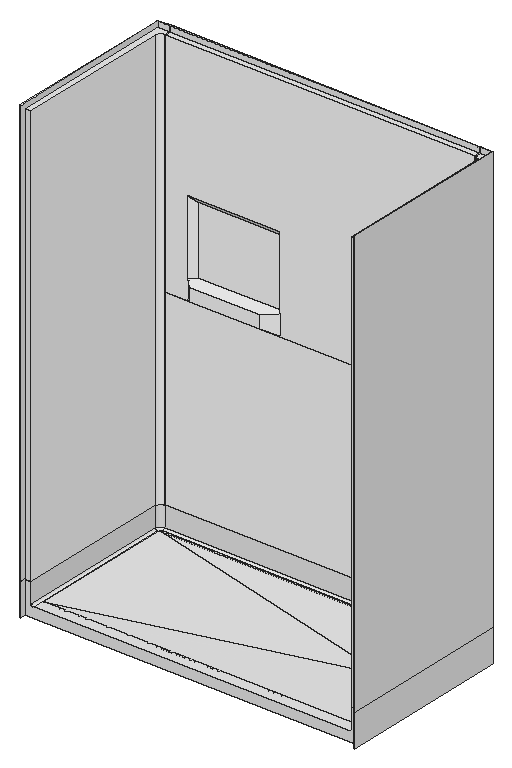
Revit family "5LRS6030B17T,B2T,B17B,B2B", category Plumbing Fixtures, Revit 2014
Parameters (values of type "5LRS6030B17T")
  Unit Width = 5' - 0"
  Unit Height = 6' - 10 1/4"
  URL = "http://www.best-bath.com/"
  Type Comments = "Barrier Free"
  Threshold Height = 0' - 1 3/4"
  Model = "5LRS6030B17T"
  Material [instance] = Best Bath Gelcoat Fiberglass - RealTile
  Manufacturer = "Best Bath Systems, Inc."
  Keynote = "22 40 00.B3"
  Description = "RealTile, Traditionals Bull Nose Threshold"
  Assembly Code = "D2010710"
Types (5): name | Unit Height | Threshold Height | Model | Description
  (no name) | 6' - 10 1/4" | 0' - 1 3/4" | "5LRS6030B17T" | "RealTile, Traditionals Bull Nose Threshold"
  5LRS6030B17B | 6' - 10 1/4" | 0' - 1 3/4" | "5LRS6030B17B" | "RealTile, Beveled Threshold"
  5LRS6030B17T | 6' - 10 1/4" | 0' - 1 3/4" | "5LRS6030B17T" | "RealTile, Traditionals Bull Nose Threshold"
  5LRS6030B2T | 6' - 10 1/2" | 0' - 2" | "5LRS6030B2T" | "RealTile, Traditionals Bull Nose Threshold"
  5LRS6030B2B | 6' - 10 1/2" | 0' - 2" | "5LRS6030B2B" | "RealTile, Beveled Threshold"
Reference planes (in)
  plane 1: z = 0
  plane 2 "Left": x = 0
  plane 3: z = 81.25
  plane 4: z = 82.25
  plane 5: y = 6.36165
  plane 6: y = 36.36165
  plane 7: x = 60
  plane 8: y = 35.11165
  plane 9: y = 22.36165
  plane 10: x = 51.5
  plane 11: z = 1.375
  plane 12: z = 1.75
  plane 13: z = 40
  plane 14: z = 5.75
  plane 15: y = 5.36165
  plane 16: z = 43.625
Forms (in)
  Extrusion 1, solid, material "Best Bath Gelcoat Fiberglass - Smooth"
    sketch origin (0, 0, 0) x (1, 0, 0) y (0, 1, 0)
      loop
        line (0, 6.36165) -> (60, 6.36165) -> (60, 36.36165) -> (0, 36.36165) -> (0, 6.36165)
      loop
        circle (51.5, 22.36165) r 2.125
    from 0 to 1.75
  Extrusion 2, solid, material "Best Bath Gelcoat Fiberglass - Smooth"
    sketch origin (0, 0, 0) x (1, 0, 0) y (0, 1, 0)
      loop
        line (2.25, 36.36165) -> (2.25, 35.11165) -> (57.75, 35.11165) -> (57.75, 36.36165) -> (2.25, 36.36165)
    from 5.75 to 40
  Blend 3, void
    base sketch origin (0, 0, 0) x (1, 0, 0) y (0, 1, 0)
      loop
        line (1.875, 8.36165) -> (58.125, 8.36165) -> (58.125, 34.48665) -> (1.875, 34.48665) -> (1.875, 8.36165)
    top sketch origin (0, 0, 0) x (1, 0, 0) y (0, 1, 0)
      loop
        circle (51.5, 22.36165) r 0.07952
    from 1.75 to 1.375
  Extrusion 4, solid, material "Best Bath Gelcoat Fiberglass - Smooth"
    sketch origin (0, 0, 0) x (1, 0, 0) y (0, 1, 0)
      loop
        line (2.25, 36.36165) -> (2.25, 35.11165) -> (57.75, 35.11165) -> (57.75, 36.36165) -> (2.25, 36.36165)
    from 40 to 81.25
  Extrusion 5, solid, material "Best Bath Gelcoat Fiberglass - Smooth"
    sketch origin (0.25, 0, 0) x (1, 0, 0) y (0, 1, 0)
      loop
        line (-0.25, 6.36165) -> (1, 6.36165) -> (1, 34.11165)
        arc (1, 34.11165) -> (1.29289, 34.81875) -> (2, 35.11165) r 1
        line (2, 35.11165) -> (2, 36.36165) -> (-0.25, 36.36165) -> (-0.25, 6.36165)
      loop
        line (59.75, 6.36165) -> (59.75, 36.36165) -> (57.5, 36.36165) -> (57.5, 35.11165)
        arc (57.5, 35.11165) -> (58.20711, 34.81875) -> (58.5, 34.11165) r 1
        line (58.5, 34.11165) -> (58.5, 6.36165) -> (59.75, 6.36165)
    from 5.75 to 81.25
  Extrusion 6, solid, material "Best Bath Gelcoat Fiberglass - Smooth"
    sketch origin (0, 0, 0) x (1, 0, 0) y (0, 1, 0)
      loop
        line (0, 36.36165) -> (0, 6.36165) -> (1.25, 6.36165) -> (1.25, 34.11165)
        arc (1.25, 34.11165) -> (1.54289, 34.81875) -> (2.25, 35.11165) r 1
        line (2.25, 35.11165) -> (57.75, 35.11165)
        arc (57.75, 35.11165) -> (58.45711, 34.81875) -> (58.75, 34.11165) r 1
        line (58.75, 34.11165) -> (58.75, 6.36165) -> (60, 6.36165) -> (60, 35.11165) -> (60, 36.36165) -> (0, 36.36165)
    from 0 to 5.75
  Sweep 7, solid, material "Best Bath Gelcoat Fiberglass - Smooth"
    path origin (0, 0, 0) x (1, 0, 0) y (0, 1, 0)
      loop
        line (1.25, 6.36165) -> (1.25, 34.11165)
        arc (1.25, 34.11165) -> (1.54289, 34.81875) -> (2.25, 35.11165) r 1
        line (2.25, 35.11165) -> (57.75, 35.11165)
        arc (57.75, 35.11165) -> (58.45711, 34.81875) -> (58.75, 34.11165) r 1
        line (58.75, 34.11165) -> (58.75, 6.36165)
    profile origin (1.25, 20.23665, 0) x (-1, 0, 0) y (0, 0, 1)
      loop
        line (0, 1.75) -> (0, 2.125)
        arc (0, 2.125) -> (-0.10983, 1.85983) -> (-0.375, 1.75) r 0.375
        line (-0.375, 1.75) -> (0, 1.75)
  Extrusion 8, solid, material "Best Bath Gelcoat Fiberglass - Smooth"
    sketch origin (0, 0, 0) x (1, 0, 0) y (0, 1, 0)
      loop
        line (0, 5.36165) -> (0.125, 5.36165) -> (0.125, 6.36165) -> (0, 6.36165) -> (0, 5.36165)
      loop
        line (60, 5.36165) -> (60, 6.36165) -> (59.875, 6.36165) -> (59.875, 5.36165) -> (60, 5.36165)
    from 0 to 5.75
  Extrusion 9, solid, material "Best Bath Gelcoat Fiberglass - Smooth"
    sketch origin (0, 0, 0) x (1, 0, 0) y (0, 1, 0)
      loop
        line (2.25, 36.36165) -> (2.25, 36.23665) -> (57.75, 36.23665) -> (57.75, 36.36165) -> (2.25, 36.36165)
    from 81.25 to 82.25
  Extrusion 10, solid, material "Best Bath Gelcoat Fiberglass - Smooth"
    sketch origin (0, 0, 0) x (1, 0, 0) y (0, 1, 0)
      loop
        line (0.125, 5.36165) -> (0.125, 36.23665) -> (2.25, 36.23665) -> (2.25, 36.36165) -> (0, 36.36165) -> (0, 5.36165) -> (0.125, 5.36165)
      loop
        line (59.875, 5.36165) -> (60, 5.36165) -> (60, 36.36165) -> (57.75, 36.36165) -> (57.75, 36.23665) -> (59.875, 36.23665) -> (59.875, 5.36165)
    from 5.75 to 82.25
  Blend 11, solid, material "Best Bath Gelcoat Fiberglass - Smooth"
    base sketch origin (1.5, -39, 0) x (1, 0, 0) y (0, 0, 1)
      loop
        line (52.0625, 43.625) -> (35.5625, 43.625) -> (35.5625, 40.1875) -> (52.0625, 40.1875) -> (52.0625, 43.625)
    top sketch origin (1.5, -39, 0) x (1, 0, 0) y (0, 0, 1)
      loop
        line (37.5625, 43.625) -> (37.5625, 41.375) -> (50.0625, 41.375) -> (50.0625, 43.625) -> (37.5625, 43.625)
    from -74.11165 to -72.11165
  Blend 12, solid, material "Best Bath Gelcoat Fiberglass - Smooth"
    base sketch origin (-29.25, -39, 0) x (1, 0, 0) y (0, 0, 1)
      loop
        line (52.0625, 43.625) -> (35.5625, 43.625) -> (35.5625, 40.1875) -> (52.0625, 40.1875) -> (52.0625, 43.625)
    top sketch origin (-29.25, -39, 0) x (1, 0, 0) y (0, 0, 1)
      loop
        line (37.5625, 43.625) -> (37.5625, 41.375) -> (50.0625, 41.375) -> (50.0625, 43.625) -> (37.5625, 43.625)
    from -74.11165 to -72.11165
  Blend 13, void
    base sketch origin (1.5, -38.5, 0) x (1, 0, 0) y (0, 0, 1)
      loop
        line (35.5625, 43.625) -> (52.0625, 43.625) -> (52.0625, 56.75) -> (35.5625, 56.75) -> (35.5625, 43.625)
    top sketch origin (1.5, -38.5, 0) x (1, 0, 0) y (0, 0, 1)
      loop
        line (36.5625, 43.625) -> (51.0625, 43.625) -> (51.0625, 55.75) -> (36.5625, 55.75) -> (36.5625, 43.625)
    from -73.61165 to -74.61165
  Blend 14, void
    base sketch origin (-29.3125, -38.5, 0) x (1, 0, 0) y (0, 0, 1)
      loop
        line (35.5625, 43.625) -> (52.0625, 43.625) -> (52.0625, 56.75) -> (35.5625, 56.75) -> (35.5625, 43.625)
    top sketch origin (-29.3125, -38.5, 0) x (1, 0, 0) y (0, 0, 1)
      loop
        line (36.5625, 43.625) -> (51.0625, 43.625) -> (51.0625, 55.75) -> (36.5625, 55.75) -> (36.5625, 43.625)
    from -73.61165 to -74.61165
Cuts and joins
  Blend 3 cuts Extrusion 1
  joined: Extrusion 1, Extrusion 6, Sweep 7, Extrusion 8
  Blend 13, Blend 14 cuts Extrusion 4
  Blend 14 cuts Extrusion 9
  joined: Extrusion 4, Extrusion 9, Blend 11, Blend 12
  joined: Extrusion 5, Extrusion 10
Dimensions and locks (in)
  locked: plane 4 to plane 3 at 1
  "Unit Height": plane 4 to level
  plane 2 "Left" to plane 10 to plane 7 = 4' - 3 1/2", 0' - 8 1/2"
  "Unit Width": plane 2 "Left" to plane 7
  locked: plane 6 to plane 8 at 1.25
  locked: plane 6 to plane 9 at 14
  "Threshold Height": plane 12 to level
  locked: plane 12 to plane 11 at 0.375
  locked: plane 13 to plane 14 at 34.25
  locked: plane 14 to plane 12 at 4
  locked: plane 5 to plane 15 at 1
  locked: plane 6 to plane 15 at 31
  locked: plane 16 to plane 12 at 41.875
  aligned and locked: level to plane 1
  aligned and locked: Extrusion 1 sketch curve to plane 5
  aligned and locked: Extrusion 1 sketch curve to plane 2 "Left"
  aligned and locked: plane 6 to Extrusion 1 sketch curve
  aligned and locked: Extrusion 1 sketch curve to plane 7
  aligned and locked: plane 10 to Extrusion 1 sketch curve
  aligned and locked: plane 9 to Extrusion 1 sketch curve
  aligned and locked: plane 12 to Extrusion 1
  aligned and locked: plane 9 to Blend 3 sketch curve
  aligned and locked: plane 10 to Blend 3 sketch curve
  aligned and locked: Extrusion 1 to Blend 3
  aligned and locked: Blend 3 to plane 11
  aligned and locked: plane 13 to Extrusion 2
  aligned and locked: Extrusion 4 to Extrusion 2
  aligned and locked: plane 3 to Extrusion 4
  aligned and locked: plane 3 to Extrusion 5
  aligned and locked: plane 14 to Extrusion 6
  aligned and locked: Extrusion 5 to plane 14
  aligned and locked: Extrusion 2 to plane 14
  aligned and locked: Sweep 7 sketch curve to plane 12
  aligned and locked: Extrusion 8 to Extrusion 2
  aligned and locked: Extrusion 9 to plane 3
  aligned and locked: plane 4 to Extrusion 9
  aligned and locked: Extrusion 10 to Extrusion 2
  aligned and locked: plane 4 to Extrusion 10
Automatic sketch dimensions
  Extrusion 6 sketch curve to plane 2 "Left" = 0' - 0"
  Extrusion 6 sketch curve to plane 5 = 0' - 0"  (x2)
  Extrusion 6 sketch curve to plane 8 = 0' - 0"  (x2)
  Extrusion 6 sketch curve to plane 7 = 0' - 0"
  Extrusion 6 sketch curve to plane 6 = 0' - 0"
  Extrusion 6 sketch curve to Extrusion 6 sketch curve = 0' - 1 1/4"  (x2)
  Extrusion 6 sketch curve to Extrusion 6 sketch curve = 0' - 1"
  Extrusion 6 sketch curve to plane 8 = 0' - 1"
  Extrusion 5 sketch curve to plane 2 "Left" = 0' - 0"
  Extrusion 5 sketch curve to plane 5 = 0' - 0"  (x2)
  Extrusion 5 sketch curve to plane 6 = 0' - 0"  (x2)
  Extrusion 5 sketch curve to plane 8 = 0' - 0"  (x2)
  Extrusion 5 sketch curve to plane 7 = 0' - 0"
  Extrusion 5 sketch curve to Extrusion 5 sketch curve = 0' - 1 1/4"
  Extrusion 5 sketch curve to Extrusion 5 sketch curve = 0' - 1"
  plane 7 to Extrusion 5 sketch curve = 0' - 2 1/4"
  Extrusion 5 sketch curve to plane 8 = 0' - 1"
  Extrusion 2 sketch curve to plane 8 = 0' - 0"
  Extrusion 2 sketch curve to plane 6 = 0' - 0"
  plane 2 "Left" to Extrusion 2 sketch curve = 0' - 2 1/4"
  plane 7 to Extrusion 2 sketch curve = 0' - 2 1/4"
  Extrusion 4 sketch curve to plane 8 = 0' - 0"
  Extrusion 4 sketch curve to plane 6 = 0' - 0"
  plane 2 "Left" to Extrusion 4 sketch curve = 0' - 2 1/4"
  plane 7 to Extrusion 4 sketch curve = 0' - 2 1/4"
  Sweep 7 sketch curve to plane 5 = 0' - 0"  (x2)
  Sweep 7 sketch curve to plane 8 = 0' - 0"
  plane 2 "Left" to Sweep 7 sketch curve = 0' - 1 1/4"
  Sweep 7 sketch curve to Sweep 7 sketch curve = 0' - 1"
  Sweep 7 sketch curve to plane 8 = 0' - 1"
  plane 7 to Sweep 7 sketch curve = 0' - 2 1/4"
  Sweep 7 sketch curve to profile plane = 0' - 0"
  profile plane to Sweep 7 sketch curve = 0' - 0 3/8"
  Extrusion 8 sketch curve to plane 2 "Left" = 0' - 0"
  Extrusion 8 sketch curve to plane 5 = 0' - 0"  (x2)
  Extrusion 8 sketch curve to plane 15 = 0' - 0"  (x2)
  Extrusion 8 sketch curve to plane 7 = 0' - 0"
  plane 2 "Left" to Extrusion 8 sketch curve = 0' - 0 1/8"
  plane 7 to Extrusion 8 sketch curve = 0' - 0 1/8"
  Extrusion 9 sketch curve to plane 6 = 0' - 0"
  plane 2 "Left" to Extrusion 9 sketch curve = 0' - 2 1/4"
  plane 7 to Extrusion 9 sketch curve = 0' - 2 1/4"
  Extrusion 9 sketch curve to plane 6 = 0' - 0 1/8"
  Extrusion 10 sketch curve to plane 2 "Left" = 0' - 0"
  Extrusion 10 sketch curve to plane 15 = 0' - 0"  (x2)
  Extrusion 10 sketch curve to plane 6 = 0' - 0"  (x2)
  Extrusion 10 sketch curve to plane 7 = 0' - 0"
  plane 2 "Left" to Extrusion 10 sketch curve = 0' - 0 1/8"
  Extrusion 10 sketch curve to plane 6 = 0' - 0 1/8"  (x2)
  Extrusion 10 sketch curve to Extrusion 10 sketch curve = 0' - 2 1/8"
  plane 7 to Extrusion 10 sketch curve = 0' - 2 1/4"
  plane 7 to Extrusion 10 sketch curve = 0' - 0 1/8"
  Blend 3 sketch curve to plane 8 = 0' - 0 5/8"
  plane 2 "Left" to Blend 3 sketch curve = 0' - 1 7/8"
  plane 7 to Blend 3 sketch curve = 0' - 1 7/8"
  plane 5 to Blend 3 sketch curve = 0' - 2"
  Blend 11 sketch curve to plane 16 = 0' - 0"  (x2)
  Blend 11 sketch curve to plane 10 = 1' - 2 7/16"
  plane 13 to Blend 11 sketch curve = 0' - 0 3/16"
  plane 10 to Blend 11 sketch curve = 0' - 2 1/16"
  Blend 11 sketch curve to plane 10 = 1' - 0 7/16"
  plane 10 to Blend 11 sketch curve = 0' - 0 1/16"
  plane 13 to Blend 11 sketch curve = 0' - 1 3/8"
  Blend 12 sketch curve to plane 16 = 0' - 0"  (x2)
  plane 2 "Left" to Blend 12 sketch curve = 0' - 6 5/16"
  plane 13 to Blend 12 sketch curve = 0' - 0 3/16"
  Blend 12 sketch curve to Blend 12 sketch curve = 1' - 4 1/2"
  plane 13 to Blend 12 sketch curve = 0' - 1 3/8"
  plane 2 "Left" to Blend 12 sketch curve = 0' - 8 5/16"
  Blend 12 sketch curve to Blend 12 sketch curve = 1' - 0 1/2"
  Blend 13 sketch curve to plane 16 = 0' - 0"  (x2)
  Blend 13 sketch curve to plane 10 = 1' - 2 7/16"
  plane 10 to Blend 13 sketch curve = 0' - 2 1/16"
  Blend 13 sketch curve to Blend 13 sketch curve = 1' - 1 1/8"
  Blend 13 sketch curve to plane 10 = 1' - 1 7/16"
  plane 10 to Blend 13 sketch curve = 0' - 1 1/16"
  plane 16 to Blend 13 sketch curve = 1' - 0 1/8"
  Blend 14 sketch curve to plane 16 = 0' - 0"  (x2)
  plane 2 "Left" to Blend 14 sketch curve = 0' - 6 1/4"
  Blend 14 sketch curve to Blend 14 sketch curve = 1' - 4 1/2"
  Blend 14 sketch curve to Blend 14 sketch curve = 1' - 1 1/8"
  plane 2 "Left" to Blend 14 sketch curve = 0' - 7 1/4"
  Blend 14 sketch curve to Blend 14 sketch curve = 1' - 2 1/2"
  plane 16 to Blend 14 sketch curve = 1' - 0 1/8"
  radius of Extrusion 1 sketch curve = 0' - 2 1/8"
  radius of Blend 3 sketch curve = 0' - 0.07952"
